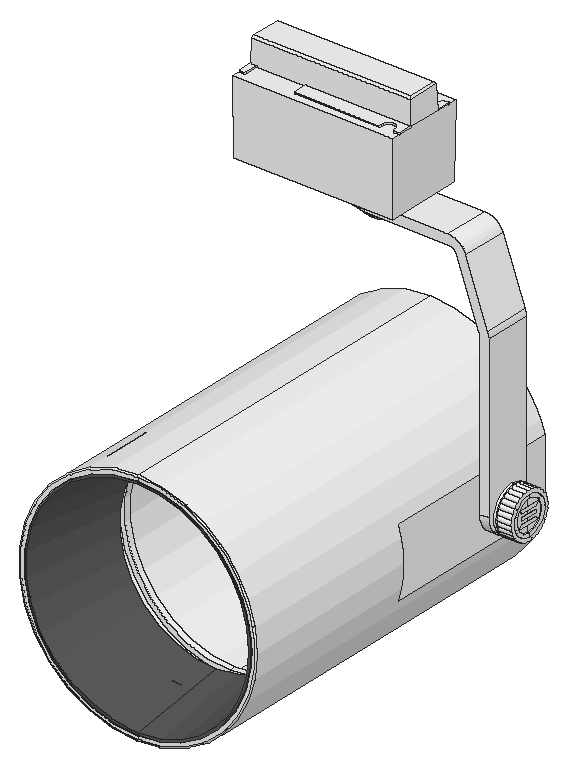
Revit family "STL22454BR_STL22454PTO", category Luminárias, Revit 2023 (continued)
Automatic sketch dimensions
  plane 10 to curve 2 = 0.0079 m
  curve 2 to curve 2 = 0.017275 m
  Revolve 29 sketch curve to Revolve 29 sketch curve = 0.107 m
  Revolve 29 sketch curve to Revolve 29 sketch curve = 0.0405 m
  Revolve 29 sketch curve to Revolve 29 sketch curve = 0.007313 m
  Revolve 30 sketch curve to Revolve 30 sketch curve = 0.005023 m
  Revolve 32 sketch curve to Revolve 32 sketch curve = 0.012499 m
  Extrusion 33 sketch curve to Extrusion 33 sketch curve = 0.00875 m  (x2)
  Extrusion 34 sketch curve to Extrusion 34 sketch curve = 0.004287 m
  Extrusion 34 sketch curve to Extrusion 34 sketch curve = 0.004 m  (x3)
  Extrusion 35 sketch curve to Extrusion 35 sketch curve = 0 m  (x4)
  Extrusion 35 sketch curve to Extrusion 35 sketch curve = 0.01125 m  (x3)
  Extrusion 37 sketch curve to Extrusion 37 sketch curve = 0.040298 m
  Extrusion 37 sketch curve to Extrusion 37 sketch curve = 0 m
  Revolve 47 sketch curve to Revolve 47 sketch curve = 0.0027 m
  Revolve 47 sketch curve to Revolve 47 sketch curve = 0.0093 m
  Revolve 47 sketch curve to Revolve 47 sketch curve = 0.0005 m
  Revolve 47 sketch curve to Revolve 47 sketch curve = 0 m
  Revolve 47 sketch curve to Revolve 47 sketch curve = 0.00217 m
  Revolve 47 sketch curve to Revolve 47 sketch curve = 0.002387 m
  Revolve 47 sketch curve to Revolve 47 sketch curve = 0.000098 m
  Revolve 47 sketch curve to Revolve 47 sketch curve = 0.001494 m
  Revolve 47 sketch curve to Revolve 47 sketch curve = 0.001221 m
  Revolve 47 sketch curve to Revolve 47 sketch curve = 0.0017 m
  Revolve 47 sketch curve to Revolve 47 sketch curve = 0.020285 m
  Revolve 47 sketch curve to Revolve 47 sketch curve = 0.0498 m
  Revolve 48 sketch curve to Revolve 48 sketch curve = 0 m  (x5)
  Revolve 48 sketch curve to Revolve 48 sketch curve = 0.001192 m
  Revolve 48 sketch curve to Revolve 48 sketch curve = 0.004823 m
  Revolve 48 sketch curve to Revolve 48 sketch curve = 0.000075 m
  Revolve 48 sketch curve to Revolve 48 sketch curve = 0.000477 m
  Revolve 48 sketch curve to Revolve 48 sketch curve = 0.0013 m
  Revolve 48 sketch curve to Revolve 48 sketch curve = 0.000077 m
  Revolve 48 sketch curve to Revolve 48 sketch curve = 0.004423 m
  Revolve 48 sketch curve to Revolve 48 sketch curve = 0.000768 m
  Revolve 48 sketch curve to Revolve 48 sketch curve = 0.001032 m
  Revolve 48 sketch curve to Revolve 48 sketch curve = 0.0008 m
  Revolve 48 sketch curve to Revolve 48 sketch curve = 0.000114 m
  Revolve 48 sketch curve to Revolve 48 sketch curve = 0.023823 m
  Revolve 48 sketch curve to Revolve 48 sketch curve = 0.006463 m
  Revolve 48 sketch curve to Revolve 48 sketch curve = 0.00202 m
  Revolve 48 sketch curve to Revolve 48 sketch curve = 0.00362 m
  Revolve 48 sketch curve to Revolve 48 sketch curve = 0.000018 m  (x2)
  Revolve 48 sketch curve to Revolve 48 sketch curve = 0.002389 m
  Revolve 48 sketch curve to Revolve 48 sketch curve = 0.000518 m
  Revolve 48 sketch curve to Revolve 48 sketch curve = 0.00073 m
  Revolve 48 sketch curve to Revolve 48 sketch curve = 0.000593 m
  Revolve 48 sketch curve to Revolve 48 sketch curve = 0.00021 m
  Revolve 48 sketch curve to Revolve 48 sketch curve = 0.0007 m
  Revolve 48 sketch curve to Revolve 48 sketch curve = 0.002546 m
  Revolve 48 sketch curve to Revolve 48 sketch curve = 0.000564 m
  Revolve 48 sketch curve to Revolve 48 sketch curve = 0.000887 m
  Revolve 48 sketch curve to Revolve 48 sketch curve = 0.001 m
  Revolve 48 sketch curve to Revolve 48 sketch curve = 0.004387 m
  Revolve 48 sketch curve to Revolve 48 sketch curve = 0.000756 m
  Revolve 48 sketch curve to Revolve 48 sketch curve = 0.042517 m
  Revolve 49 sketch curve to Revolve 49 sketch curve = 0.0182 m
  Revolve 49 sketch curve to Revolve 49 sketch curve = 0.0098 m
  Revolve 49 sketch curve to Revolve 49 sketch curve = 0.002 m  (x3)
  Revolve 49 sketch curve to Revolve 49 sketch curve = 0.001 m
  Revolve 49 sketch curve to Revolve 49 sketch curve = 0 m
  Revolve 49 sketch curve to Revolve 49 sketch curve = 0.0436 m
  Revolve 49 sketch curve to Revolve 49 sketch curve = 0.0035 m
  Revolve 49 sketch curve to Revolve 49 sketch curve = 0.00075 m
  Revolve 49 sketch curve to Revolve 49 sketch curve = 0.001282 m
  Revolve 49 sketch curve to Revolve 49 sketch curve = 0.002546 m
  Revolve 49 sketch curve to Revolve 49 sketch curve = 0.000954 m
  Revolve 49 sketch curve to Revolve 49 sketch curve = 0.0116 m
  Revolve 49 sketch curve to Revolve 49 sketch curve = 0.0001 m
  Revolve 49 sketch curve to Revolve 49 sketch curve = 0.00477 m
  Revolve 49 sketch curve to Revolve 49 sketch curve = 0.005112 m
  Revolve 49 sketch curve to Revolve 49 sketch curve = 0.0207 m
  Revolve 50 sketch curve to Revolve 50 sketch curve = 0.00085 m  (x2)
  Revolve 50 sketch curve to Revolve 50 sketch curve = 0.003 m
  Revolve 50 sketch curve to Revolve 50 sketch curve = 0.01 m
  Revolve 50 sketch curve to Revolve 50 sketch curve = 0.0125 m
  Revolve 50 sketch curve to Revolve 50 sketch curve = 0.000501 m
  Revolve 50 sketch curve to Revolve 50 sketch curve = 0.0006 m
  Revolve 50 sketch curve to Revolve 50 sketch curve = 0.013999 m
  Revolve 50 sketch curve to Revolve 50 sketch curve = 0.004 m
  Revolve 50 sketch curve to Revolve 50 sketch curve = 0.000592 m
  Revolve 50 sketch curve to Revolve 50 sketch curve = 0.011523 m
  Revolve 50 sketch curve to Revolve 50 sketch curve = 0.002545 m
  Revolve 50 sketch curve to Revolve 50 sketch curve = 0.000977 m
  Revolve 50 sketch curve to Revolve 50 sketch curve = 0.002364 m
  Revolve 50 sketch curve to Revolve 50 sketch curve = 0.005 m
  Revolve 50 sketch curve to Revolve 50 sketch curve = 0.002247 m
  Revolve 50 sketch curve to Revolve 50 sketch curve = 0.015636 m
  Extrusion 51 sketch curve to Extrusion 51 sketch curve = 0 m  (x5)
  Extrusion 51 sketch curve to Extrusion 51 sketch curve = 0.003768 m  (x4)
  Extrusion 51 sketch curve to Extrusion 51 sketch curve = 0.000025 m  (x4)
  Extrusion 51 sketch curve to Extrusion 51 sketch curve = 0.000748 m  (x4)
  Extrusion 51 sketch curve to Extrusion 51 sketch curve = 0.00375 m  (x3)
  Extrusion 51 sketch curve to Extrusion 51 sketch curve = 0.000688 m  (x2)
  Extrusion 52 sketch curve to Extrusion 52 sketch curve = 0 m  (x17)
  Extrusion 52 sketch curve to Extrusion 52 sketch curve = 0.004086 m  (x4)
  Extrusion 52 sketch curve to Extrusion 52 sketch curve = 0.0002 m  (x4)
  Extrusion 52 sketch curve to Extrusion 52 sketch curve = 0.000403 m  (x4)
  Extrusion 52 sketch curve to Extrusion 52 sketch curve = 0.002132 m  (x3)
  Extrusion 52 sketch curve to Extrusion 52 sketch curve = 0.005 m  (x2)
  Extrusion 52 sketch curve to Extrusion 52 sketch curve = 0.000344 m  (x2)
  Extrusion 53 sketch curve to Extrusion 53 sketch curve = 0.009 m  (x3)
  Extrusion 53 sketch curve to Extrusion 53 sketch curve = 0.001 m  (x2)
  Blend 54 sketch curve to Blend 54 sketch curve = 0.003734 m
  Blend 54 sketch curve to Blend 54 sketch curve = 0.000566 m  (x2)
  Blend 54 sketch curve to Blend 54 sketch curve = 0.02887 m
  Extrusion 55 sketch curve to Extrusion 55 sketch curve = 0.012295 m
  Extrusion 55 sketch curve to Extrusion 55 sketch curve = 0.001865 m  (x2)
  Extrusion 55 sketch curve to Extrusion 55 sketch curve = 0.013555 m
  Blend 54 sketch curve to Blend 54 sketch curve = 0.029323 m
  Blend 54 sketch curve to Blend 54 sketch curve = 0.00224 m
  Blend 54 sketch curve to Blend 54 sketch curve = 0.00034 m  (x2)
  Extrusion 56 sketch curve to Extrusion 56 sketch curve = 0.005618 m
  Extrusion 56 sketch curve to Extrusion 56 sketch curve = 0.033731 m
  Revolve 47 sketch curve to Revolve 47 sketch curve = 0.107 m
  Revolve 47 sketch curve to Revolve 47 sketch curve = 0.0405 m
  Revolve 47 sketch curve to Revolve 47 sketch curve = 0.007313 m
  Revolve 48 sketch curve to Revolve 48 sketch curve = 0.005023 m
  Revolve 50 sketch curve to Revolve 50 sketch curve = 0.012499 m
  Extrusion 51 sketch curve to Extrusion 51 sketch curve = 0.00875 m  (x2)
  Extrusion 52 sketch curve to Extrusion 52 sketch curve = 0.004287 m
  Extrusion 52 sketch curve to Extrusion 52 sketch curve = 0.004 m  (x3)
  Extrusion 53 sketch curve to Extrusion 53 sketch curve = 0 m  (x4)
  Extrusion 53 sketch curve to Extrusion 53 sketch curve = 0.01125 m  (x3)
  Extrusion 55 sketch curve to Extrusion 55 sketch curve = 0.040298 m
  Extrusion 55 sketch curve to Extrusion 55 sketch curve = 0 m
  curve 1 to plane 1 "Eixo de origem da luz (F/T)" = 0 m
  plane 4 "Elevação da origem da luz" to curve 1 = 0.009397 m
  plane 4 "Elevação da origem da luz" to curve 1 = 0.002397 m
  radius of Extrusion 35 sketch curve = 0.00125 m  (x2)
  radius of Extrusion 53 sketch curve = 0.00125 m  (x2)
Connectors (m)
  electrical at (0.0084, 0, 2.65)
    settings: index 1, voltage 0 V, apparent load 0 VA, apparent load phase1 0 VA, apparent load phase2 0 VA, apparent load phase3 0 VA, power factor 1, load classification "Outro", number of poles 1, system type 31, power factor state 1, is connector primary yes, connector utility no, sub classification motor no, connector description ""
Types (3, lengths in m): name | Referência | Estrutura
  (no name) | "STL22454BR" | Al - Branco
  STL22454BR - BRANCO | "STL22454BR" | Al - Branco
  STL22454PTO - PRETO | "STL22454PTO" | Al - Preto
